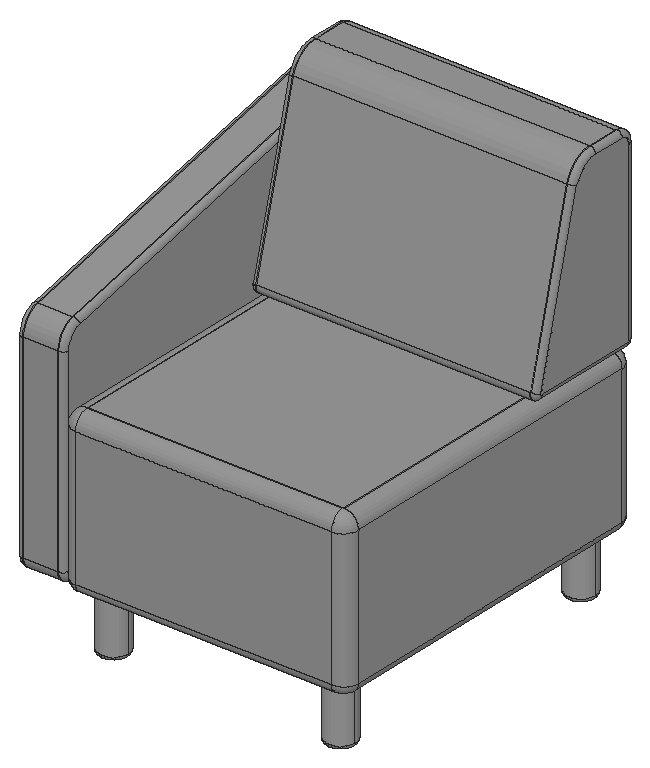
Revit family "7000CRH Single Chair Right Arm - Kids", category Generic Models, Revit 2018
Family settings
  Can host rebar = No
  Round Connector Dimension = Use Diameter
  Part Type = Normal
  Work Plane-Based = No
  Always vertical = Yes
  Cut with Voids When Loaded = No
  Shared = No
  Room Calculation Point = No
Parameters
  Top Fabric = 7000CRH Top Fabric
  Bottom Fabric = 7000CRH Bottom Fabric
  Arm Fabric = 7000CRH Arm Fabric
Reference planes (in)
  plane 1 "Center (Front/Back)": y = 0
  plane 2: z = 0
  plane 3 "Center (Left/Right)": x = 0
Forms (in)
  Extrusion 1, solid, material "7000CRH Bottom Fabric" <- "Bottom Fabric"
    sketch origin (0, 0, 0) x (1, 0, 0) y (0, 1, 0)
      loop
        arc (-8.72909, 11.25066) -> (-8.74388, 11.24454) -> (-8.75, 11.22975) r 0.02091
        line (-8.75, 11.22975) -> (-8.75, -11.22975)
        arc (-8.75, -11.22975) -> (-8.74426, -11.2436) -> (-8.73041, -11.24934) r 0.01959
        line (-8.73041, -11.24934) -> (8.73041, -11.24934)
        arc (8.73041, -11.24934) -> (8.74426, -11.2436) -> (8.75, -11.22975) r 0.01959
        line (8.75, -11.22975) -> (8.75, 11.22975)
        arc (8.75, 11.22975) -> (8.74388, 11.24454) -> (8.72909, 11.25066) r 0.02091
        line (8.72909, 11.25066) -> (-8.72909, 11.25066)
    from 4 to 15
  Sweep 2, solid, material "7000CRH Bottom Fabric" <- "Bottom Fabric"
    path origin (0, 0, 0) x (1, 0, 0) y (0, 1, 0)
      loop
        line (8.72909, 11.25066) -> (-8.72909, 11.25066)
        arc (-8.72909, 11.25066) -> (-8.74388, 11.24454) -> (-8.75, 11.22975) r 0.02091
        line (-8.75, 11.22975) -> (-8.75, -11.22975)
        arc (-8.75, -11.22975) -> (-8.74426, -11.2436) -> (-8.73041, -11.24934) r 0.01959
        line (-8.73041, -11.24934) -> (8.73041, -11.24934)
        arc (8.73041, -11.24934) -> (8.74426, -11.2436) -> (8.75, -11.22975) r 0.01959
        line (8.75, -11.22975) -> (8.75, 11.22975)
        arc (8.75, 11.22975) -> (8.74388, 11.24454) -> (8.72909, 11.25066) r 0.02091
    profile origin (0, 11.25066, 0) x (0, -1, 0) y (0, 0, 1)
      loop
        arc (0, 15) -> (-0.70711, 14.70711) -> (-1, 14) r 1
        line (-1, 14) -> (-1, 4.61745)
        arc (-1, 4.61745) -> (-0.85933, 4.22019) -> (-0.5, 4) r 0.63124
        line (-0.5, 4) -> (0, 4) -> (0, 15)
  Revolve 3, solid, material "7000C Frame"
    sketch origin (0, -10.24934, 0) x (1, 0, 0) y (0, 0, 1)
      loop
        line (-7.75, 4) -> (-7.75, 0) -> (-6.95, 0)
        arc (-6.95, 0) -> (-6.80858, 0.05858) -> (-6.75, 0.2) r 0.2
        line (-6.75, 0.2) -> (-6.75, 4) -> (-7.75, 4)
      axis (-7.75, 4) -> (-7.75, 0)
    angle from 0 to 360
  Revolve 4, solid, material "7000C Frame"
    sketch origin (0, -10.24934, 0) x (-1, 0, 0) y (0, 0, -1)
      loop
        line (-7.75, -4) -> (-6.75, -4) -> (-6.75, -0.2)
        arc (-6.75, -0.2) -> (-6.80858, -0.05858) -> (-6.95, 0) r 0.2
        line (-6.95, 0) -> (-7.75, 0) -> (-7.75, -4)
      axis (-7.75, -4) -> (-7.75, 0)
    angle from 0 to 360
  Revolve 5, solid, material "7000C Frame"
    sketch origin (0, 10.24934, 0) x (1, 0, 0) y (0, 0, -1)
      loop
        line (-7.75, -4) -> (-6.75, -4) -> (-6.75, -0.2)
        arc (-6.75, -0.2) -> (-6.80858, -0.05858) -> (-6.95, 0) r 0.2
        line (-6.95, 0) -> (-7.75, 0) -> (-7.75, -4)
      axis (-7.75, -4) -> (-7.75, 0)
    angle from 0 to 360
  Revolve 6, solid, material "7000C Frame"
    sketch origin (0, 10.24934, 0) x (-1, 0, 0) y (0, 0, 1)
      loop
        line (-7.75, 4) -> (-7.75, 0) -> (-6.95, 0)
        arc (-6.95, 0) -> (-6.80858, 0.05858) -> (-6.75, 0.2) r 0.2
        line (-6.75, 0.2) -> (-6.75, 4) -> (-7.75, 4)
      axis (-7.75, 4) -> (-7.75, 0)
    angle from 0 to 360
  Extrusion 7, solid, material "7000CRH Top Fabric" <- "Top Fabric"
    sketch origin (0, 0, 0) x (0, 1, 0) y (0, 0, 1)
      loop
        line (12.25066, 15.5) -> (12.25066, 27.5)
        arc (12.25066, 27.5) -> (11.95777, 28.20711) -> (11.25066, 28.5) r 1
        line (11.25066, 28.5) -> (8.98349, 28.5)
        arc (8.98349, 28.5) -> (7.77094, 28.09051) -> (7.05491, 27.02973) r 2
        line (7.05491, 27.02973) -> (3.92437, 15.63243)
        arc (3.92437, 15.63243) -> (4.00889, 15.19686) -> (4.40652, 15) r 0.5
        line (4.40652, 15) -> (11.75066, 15)
        arc (11.75066, 15) -> (12.10421, 15.14645) -> (12.25066, 15.5) r 0.5
    from -9.365 to 9.365
  Extrusion 8, solid, material "7000CRH Top Fabric" <- "Top Fabric"
    sketch origin (0, 0, 0) x (0, 1, 0) y (0, 0, 1)
      loop
        arc (11.75066, 15.4) -> (11.82137, 15.42929) -> (11.85066, 15.5) r 0.1
        line (11.85066, 15.5) -> (11.85066, 27.5)
        arc (11.85066, 27.5) -> (11.67492, 27.92426) -> (11.25066, 28.1) r 0.6
        line (11.25066, 28.1) -> (8.98349, 28.1)
        arc (8.98349, 28.1) -> (8.01345, 27.77241) -> (7.44063, 26.92378) r 1.6
        line (7.44063, 26.92378) -> (4.31009, 15.52649)
        arc (4.31009, 15.52649) -> (4.32699, 15.43937) -> (4.40652, 15.4) r 0.1
        line (4.40652, 15.4) -> (11.75066, 15.4)
    from -9.75 to -9.365
  Sweep 9, solid, material "7000CRH Top Fabric" <- "Top Fabric"
    path origin (0, 0, 0) x (0, 1, 0) y (0, 0, 1)
      loop
        line (11.85066, 15.5) -> (11.85066, 27.5)
        arc (11.85066, 27.5) -> (11.67492, 27.92426) -> (11.25066, 28.1) r 0.6
        line (11.25066, 28.1) -> (8.98349, 28.1)
        arc (8.98349, 28.1) -> (8.01345, 27.77241) -> (7.44063, 26.92378) r 1.6
        line (7.44063, 26.92378) -> (4.31009, 15.52649)
        arc (4.31009, 15.52649) -> (4.32699, 15.43937) -> (4.40652, 15.4) r 0.1
        line (4.40652, 15.4) -> (11.75066, 15.4)
        arc (11.75066, 15.4) -> (11.82137, 15.42929) -> (11.85066, 15.5) r 0.1
    profile origin (0, 11.85066, 21.5) x (0, -1, 0) y (1, 0, 0)
      loop
        arc (-0.4, -9.365) -> (-0.27759, -9.63811) -> (0, -9.75) r 0.40029
        line (0, -9.75) -> (0, -9.365) -> (-0.4, -9.365)
  Extrusion 10, solid, material "7000CRH Top Fabric" <- "Top Fabric"
    sketch origin (0, 0, 0) x (0, 1, 0) y (0, 0, -1)
      loop
        line (11.75066, -15.4) -> (4.40652, -15.4)
        arc (4.40652, -15.4) -> (4.32699, -15.43937) -> (4.31009, -15.52649) r 0.1
        line (4.31009, -15.52649) -> (7.44063, -26.92378)
        arc (7.44063, -26.92378) -> (8.01345, -27.77241) -> (8.98349, -28.1) r 1.6
        line (8.98349, -28.1) -> (11.25066, -28.1)
        arc (11.25066, -28.1) -> (11.67492, -27.92426) -> (11.85066, -27.5) r 0.6
        line (11.85066, -27.5) -> (11.85066, -15.5)
        arc (11.85066, -15.5) -> (11.82137, -15.42929) -> (11.75066, -15.4) r 0.1
    from -9.75 to -9.365
  Sweep 11, solid, material "7000CRH Top Fabric" <- "Top Fabric"
    path origin (0, 0, 0) x (0, 1, 0) y (0, 0, -1)
      loop
        arc (11.85066, -15.5) -> (11.82137, -15.42929) -> (11.75066, -15.4) r 0.1
        line (11.75066, -15.4) -> (4.40652, -15.4)
        arc (4.40652, -15.4) -> (4.32699, -15.43937) -> (4.31009, -15.52649) r 0.1
        line (4.31009, -15.52649) -> (7.44063, -26.92378)
        arc (7.44063, -26.92378) -> (8.01345, -27.77241) -> (8.98349, -28.1) r 1.6
        line (8.98349, -28.1) -> (11.25066, -28.1)
        arc (11.25066, -28.1) -> (11.67492, -27.92426) -> (11.85066, -27.5) r 0.6
        line (11.85066, -27.5) -> (11.85066, -15.5)
    profile origin (0, 11.85066, 21.5) x (0, 1, 0) y (-1, 0, 0)
      loop
        line (0.4, -9.365) -> (0, -9.365) -> (0, -9.75)
        arc (0, -9.75) -> (0.27759, -9.63811) -> (0.4, -9.365) r 0.40029
Dimensions and locks (in)
  aligned and locked: plane 2 to level
Nested families (in)
  nested 1: "Kids Arm" at (-11.34716, 0, 0), type "Kids Arm"
Definition of nested family "Kids Arm"
  Parameters (values of type "Kids Arm")
    Arm Fabric = none
  Reference planes (in)
    plane 1 "Center (Front/Back)": y = 0
    plane 2: z = 0
    plane 3 "Center (Left/Right)": x = 0
  Forms (in)
    Extrusion 1, solid, material <- "Arm Fabric"
      sketch origin (0, 0, 0) x (0, 1, 0) y (0, 0, 1)
        loop
          line (11.0306, 24.58996) -> (-10.73881, 19.87326)
          arc (-10.73881, 19.87326) -> (-11.64541, 19.31401) -> (-12, 18.30954) r 1.6
          line (-12, 18.30954) -> (-12, 4.8)
          arc (-12, 4.8) -> (-11.76569, 4.23431) -> (-11.2, 4) r 0.8
          line (-11.2, 4) -> (11.2, 4)
          arc (11.2, 4) -> (11.76569, 4.23431) -> (12, 4.8) r 0.8
          line (12, 4.8) -> (12, 23.8081)
          arc (12, 23.8081) -> (11.70223, 24.43081) -> (11.0306, 24.58996) r 0.8
      from -1.19716 to 1.19716
    Extrusion 2, solid, material <- "Arm Fabric"
      sketch origin (0, 0, 0) x (0, 1, 0) y (0, 0, 1)
        loop
          arc (-10.6541, 19.48233) -> (-11.33406, 19.06289) -> (-11.6, 18.30954) r 1.2
          line (-11.6, 18.30954) -> (-11.6, 4.8)
          arc (-11.6, 4.8) -> (-11.48284, 4.51716) -> (-11.2, 4.4) r 0.4
          line (-11.2, 4.4) -> (11.2, 4.4)
          arc (11.2, 4.4) -> (11.48284, 4.51716) -> (11.6, 4.8) r 0.4
          line (11.6, 4.8) -> (11.6, 23.8081)
          arc (11.6, 23.8081) -> (11.45112, 24.11946) -> (11.1153, 24.19903) r 0.4
          line (11.1153, 24.19903) -> (-10.6541, 19.48233)
      from -1.59716 to -1.19716
    Sweep 3, solid, material <- "Arm Fabric"
      path origin (0, 0, 0) x (0, 1, 0) y (0, 0, 1)
        loop
          line (11.6, 4.8) -> (11.6, 23.8081)
          arc (11.6, 23.8081) -> (11.45112, 24.11946) -> (11.1153, 24.19903) r 0.4
          line (11.1153, 24.19903) -> (-10.6541, 19.48233)
          arc (-10.6541, 19.48233) -> (-11.33406, 19.06289) -> (-11.6, 18.30954) r 1.2
          line (-11.6, 18.30954) -> (-11.6, 4.8)
          arc (-11.6, 4.8) -> (-11.48284, 4.51716) -> (-11.2, 4.4) r 0.4
          line (-11.2, 4.4) -> (11.2, 4.4)
          arc (11.2, 4.4) -> (11.48284, 4.51716) -> (11.6, 4.8) r 0.4
      profile origin (0, 11.6, 14.30405) x (0, -1, 0) y (1, 0, 0)
        loop
          line (0, -1.19716) -> (-0.4, -1.19716)
          arc (-0.4, -1.19716) -> (-0.28284, -1.48) -> (0, -1.59716) r 0.4
          line (0, -1.59716) -> (0, -1.19716)
    Extrusion 4, solid, material <- "Arm Fabric"
      sketch origin (0, 0, 0) x (0, 1, 0) y (0, 0, -1)
        loop
          line (-10.6541, -19.48233) -> (11.1153, -24.19903)
          arc (11.1153, -24.19903) -> (11.45112, -24.11946) -> (11.6, -23.8081) r 0.4
          line (11.6, -23.8081) -> (11.6, -4.8)
          arc (11.6, -4.8) -> (11.48284, -4.51716) -> (11.2, -4.4) r 0.4
          line (11.2, -4.4) -> (-11.2, -4.4)
          arc (-11.2, -4.4) -> (-11.48284, -4.51716) -> (-11.6, -4.8) r 0.4
          line (-11.6, -4.8) -> (-11.6, -18.30954)
          arc (-11.6, -18.30954) -> (-11.33406, -19.06289) -> (-10.6541, -19.48233) r 1.2
      from -1.59716 to -1.19716
    Sweep 5, solid, material <- "Arm Fabric"
      path origin (0, 0, 0) x (0, 1, 0) y (0, 0, -1)
        loop
          arc (11.6, -4.8) -> (11.48284, -4.51716) -> (11.2, -4.4) r 0.4
          line (11.2, -4.4) -> (-11.2, -4.4)
          arc (-11.2, -4.4) -> (-11.48284, -4.51716) -> (-11.6, -4.8) r 0.4
          line (-11.6, -4.8) -> (-11.6, -18.30954)
          arc (-11.6, -18.30954) -> (-11.33406, -19.06289) -> (-10.6541, -19.48233) r 1.2
          line (-10.6541, -19.48233) -> (11.1153, -24.19903)
          arc (11.1153, -24.19903) -> (11.45112, -24.11946) -> (11.6, -23.8081) r 0.4
          line (11.6, -23.8081) -> (11.6, -4.8)
      profile origin (0, 11.6, 14.30405) x (0, 1, 0) y (-1, 0, 0)
        loop
          line (0, -1.19716) -> (0, -1.59716)
          arc (0, -1.59716) -> (0.28284, -1.48) -> (0.4, -1.19716) r 0.4
          line (0.4, -1.19716) -> (0, -1.19716)
  Dimensions and locks (in)
    aligned and locked: plane 2 to level
